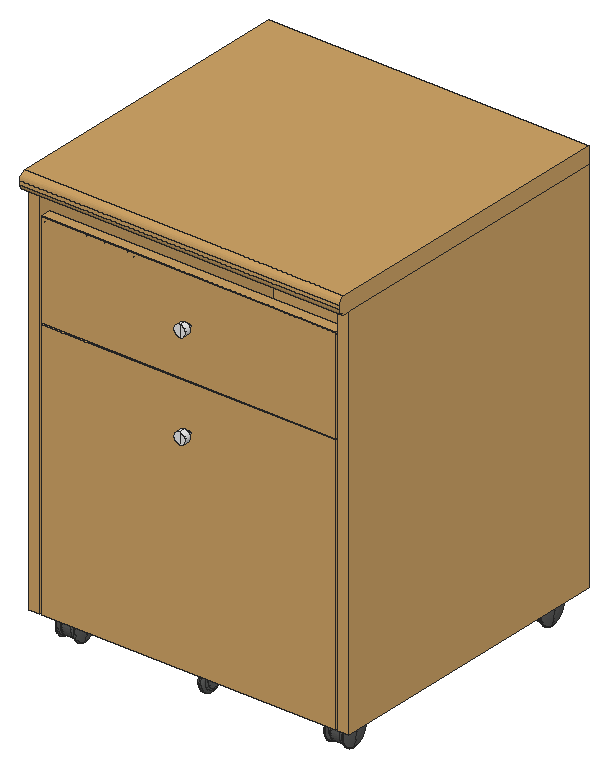
Revit family
Parameters (values of type "565x550x750mm")
  Manufacturer = ""
  Model = ""
  휠 지지 재료 = 플라스틱 - 회색
  휠 재료 = 플라스틱 - 회색
  상단 면 재료 = 목재 - 티크, 폭
  측면 재료 = 목재 - 티크, 길이
  손잡이 재료 = 금속 - 크롬(2)
  면 재료 = 목재 - 티크, 길이
  서랍 재료 = 목재 - 티크, 폭
  폭 = 565 mm
  높이 = 750 mm
Types (4, lengths in mm): name | 폭 | 높이
  (no name) | 565 | 750
  465x550x650mm | 465 | 650
  565x550x750mm | 565 | 750
  515x550x700mm | 515 | 700
Reference planes
  plane 1 "중심(앞/뒤)": y = 0
  plane 2: z = 0
  plane 3 "중심(왼쪽/오른쪽)": x = 0
  plane 4: y = 275
  plane 5: y = -275
  plane 6: x = -282.5
  plane 7: x = 282.5
  plane 8: z = 750
  plane 9: x = -262.5
  plane 10: x = 262.5
  plane 11: z = 720
  plane 12: z = 680
  plane 13: z = 50
  plane 14: z = 70
  plane 15: y = 265
  plane 16: y = 258
  plane 17: y = -255
  plane 18: z = 681
  plane 19: z = 679
  plane 20: z = 510
  plane 21: z = 511
  plane 22: z = 509
  plane 23: x = -260.5
  plane 24: x = 260.5
  plane 25: y = -237
Forms (mm)
  Extrusion 1, solid, material "목재 - 티크, 길이" <- "측면 재료"
    sketch origin (0, 0, 0) x (1, 0, 0) y (0, 1, 0)
      loop
        line (-282.5, 275) -> (-282.5, -255) -> (-262.5, -255) -> (-262.5, 275) -> (-282.5, 275)
    from 50 to 720
  Extrusion 2, solid, material "목재 - 티크, 길이" <- "측면 재료"
    sketch origin (0, 0, 0) x (-1, 0, 0) y (0, -1, 0)
      loop
        line (-282.5, -275) -> (-262.5, -275) -> (-262.5, 255) -> (-282.5, 255) -> (-282.5, -275)
    from 50 to 720
  Extrusion 3, solid, material "목재 - 티크, 길이" <- "면 재료"
    sketch origin (0, 0, 0) x (1, 0, 0) y (0, 1, 0)
      loop
        line (-262.5, 265) -> (-262.5, 258) -> (262.5, 258) -> (262.5, 265) -> (-262.5, 265)
    from 70 to 720
  Extrusion 4, solid, material "목재 - 티크, 폭" <- "상단 면 재료"
    sketch origin (0, 0, 0) x (0, 1, 0) y (0, 0, 1)
      loop
        line (275, 70) -> (-237, 70) -> (-237, 50) -> (275, 50) -> (275, 70)
    from -262.5 to 262.5
  Extrusion 5, solid, material "목재 - 티크, 폭" <- "상단 면 재료"
    sketch origin (0, 0, 0) x (0, 1, 0) y (0, 0, 1)
      loop
        line (275, 750) -> (-265, 750)
        arc (-265, 750) -> (-272.26, 745.804) -> (-275, 737.88) r 12
        line (-275, 737.88) -> (-275, 731.88)
        arc (-275, 731.88) -> (-272.181, 724.104) -> (-265, 720) r 12
        line (-265, 720) -> (275, 720) -> (275, 750)
    from -282.5 to 282.5
  Extrusion 6, solid, material "목재 - 티크, 폭" <- "서랍 재료"
    sketch origin (0, 0, 0) x (1, 0, 0) y (0, 0, 1)
      loop
        line (-260.5, 679) -> (-260.5, 511) -> (260.5, 511) -> (260.5, 679) -> (-260.5, 679)
    from 237 to 255
  Extrusion 7, solid, material "목재 - 티크, 폭" <- "서랍 재료"
    sketch origin (0, 0, 820) x (1, 0, 0) y (0, 0, 1)
      loop
        line (-260.5, -770) -> (260.5, -770) -> (260.5, -311) -> (-260.5, -311) -> (-260.5, -770)
    from 237 to 255
  Extrusion 8, solid, material "목재 - 티크, 폭" <- "서랍 재료"
    sketch origin (0, 0, 1158) x (1, 0, 0) y (0, 0, 1)
      loop
        line (-260.5, -477) -> (-260.5, -488) -> (260.5, -488) -> (260.5, -477) -> (-260.5, -477)
    from 237 to 255
  Revolve 9, solid, material "플라스틱 - 회색" <- "휠 재료"
    sketch origin (-13.917, -207.316, 0) x (1, 0, 0) y (0, 0, 1)
      loop
        arc (-240.523, 49.222) -> (-243.122, 37.235) -> (-243.995, 25) r 86.232
        line (-243.995, 25) -> (-235.934, 25)
        arc (-235.934, 25) -> (-236.454, 37.155) -> (-238.009, 49.222) r 142.408
        arc (-238.009, 49.222) -> (-238.558, 49.741) -> (-239.266, 50) r 1.868
        arc (-239.266, 50) -> (-239.975, 49.741) -> (-240.523, 49.222) r 1.868
      loop
        arc (-206.342, 49.222) -> (-206.89, 49.741) -> (-207.598, 50) r 1.868
        arc (-207.598, 50) -> (-208.307, 49.741) -> (-208.855, 49.222) r 1.868
        arc (-208.855, 49.222) -> (-210.411, 37.155) -> (-210.93, 25) r 142.408
        line (-210.93, 25) -> (-202.87, 25)
        arc (-202.87, 25) -> (-203.742, 37.235) -> (-206.342, 49.222) r 86.232
      axis (-243.995, 25) -> (-202.87, 25)
    angle from 0 to 360
  Revolve 10, solid, material "플라스틱 - 회색" <- "휠 지지 재료"
    sketch origin (-13.917, -207.316, 0) x (1, 0, 0) y (0, 0, 1)
      loop
        line (-235.934, 25) -> (-210.93, 25) -> (-210.93, 42.425)
        arc (-210.93, 42.425) -> (-212.209, 45.513) -> (-215.298, 46.793) r 4.368
        line (-215.298, 46.793) -> (-231.567, 46.793)
        arc (-231.567, 46.793) -> (-234.655, 45.513) -> (-235.934, 42.425) r 4.368
        line (-235.934, 42.425) -> (-235.934, 25)
      axis (-235.934, 25) -> (-210.93, 25)
    angle from 0 to 360
  Revolve 11, solid, material "플라스틱 - 회색" <- "휠 지지 재료"
    sketch origin (173.581, -208.439, -3.207) x (1, 0, 0) y (0, 0, 1)
      loop
        line (-179.432, 25) -> (-167.432, 25) -> (-167.432, 42.425)
        arc (-167.432, 42.425) -> (-168.712, 45.513) -> (-171.8, 46.793) r 4.368
        line (-171.8, 46.793) -> (-175.065, 46.793)
        arc (-175.065, 46.793) -> (-178.153, 45.513) -> (-179.432, 42.425) r 4.368
        line (-179.432, 42.425) -> (-179.432, 25)
      axis (-179.432, 25) -> (-167.432, 25)
    angle from 0 to 360
  Extrusion 12, solid, material "플라스틱 - 회색" <- "휠 재료"
    sketch origin (6.148, -205.519, 0) x (0, 1, 0) y (0, 0, 1)
      loop
        line (17.11, 50) -> (-22.57, 50) -> (-15.164, 17.921)
        arc (-15.164, 17.921) -> (-2.73, 8.53) -> (9.704, 17.921) r 12.927
        line (9.704, 17.921) -> (17.11, 50)
      loop
        circle (-2.92, 20.388) r 3.987
    from 0 to 2
  Extrusion 13, solid, material "플라스틱 - 회색" <- "휠 재료"
    sketch origin (-5.852, -205.519, 0) x (0, 1, 0) y (0, 0, -1)
      loop
        line (17.11, -50) -> (9.704, -17.921)
        arc (9.704, -17.921) -> (-2.73, -8.53) -> (-15.164, -17.921) r 12.927
        line (-15.164, -17.921) -> (-22.57, -50) -> (17.11, -50)
      loop
        circle (-2.92, -20.388) r 3.987
    from 0 to 2
  Revolve 14, solid, material "플라스틱 - 회색" <- "휠 재료"
    sketch origin (13.917, -207.316, 0) x (-1, 0, 0) y (0, 0, -1)
      loop
        arc (-240.523, -49.222) -> (-239.975, -49.741) -> (-239.266, -50) r 1.868
        arc (-239.266, -50) -> (-238.558, -49.741) -> (-238.009, -49.222) r 1.868
        arc (-238.009, -49.222) -> (-236.454, -37.155) -> (-235.934, -25) r 142.408
        line (-235.934, -25) -> (-243.995, -25)
        arc (-243.995, -25) -> (-243.122, -37.235) -> (-240.523, -49.222) r 86.232
      loop
        arc (-206.342, -49.222) -> (-203.742, -37.235) -> (-202.87, -25) r 86.232
        line (-202.87, -25) -> (-210.93, -25)
        arc (-210.93, -25) -> (-210.411, -37.155) -> (-208.855, -49.222) r 142.408
        arc (-208.855, -49.222) -> (-208.307, -49.741) -> (-207.598, -50) r 1.868
        arc (-207.598, -50) -> (-206.89, -49.741) -> (-206.342, -49.222) r 1.868
      axis (-243.995, -25) -> (-202.87, -25)
    angle from 0 to 360
  Revolve 15, solid, material "플라스틱 - 회색" <- "휠 지지 재료"
    sketch origin (13.917, -207.316, 0) x (-1, 0, 0) y (0, 0, -1)
      loop
        line (-235.934, -25) -> (-235.934, -42.425)
        arc (-235.934, -42.425) -> (-234.655, -45.513) -> (-231.567, -46.793) r 4.368
        line (-231.567, -46.793) -> (-215.298, -46.793)
        arc (-215.298, -46.793) -> (-212.209, -45.513) -> (-210.93, -42.425) r 4.368
        line (-210.93, -42.425) -> (-210.93, -25) -> (-235.934, -25)
      axis (-235.934, -25) -> (-210.93, -25)
    angle from 0 to 360
  Revolve 16, solid, material "플라스틱 - 회색" <- "휠 재료"
    sketch origin (13.917, 229.931, 0) x (-1, 0, 0) y (0, 0, 1)
      loop
        arc (-240.523, 49.222) -> (-243.122, 37.235) -> (-243.995, 25) r 86.232
        line (-243.995, 25) -> (-235.934, 25)
        arc (-235.934, 25) -> (-236.454, 37.155) -> (-238.009, 49.222) r 142.408
        arc (-238.009, 49.222) -> (-238.558, 49.741) -> (-239.266, 50) r 1.868
        arc (-239.266, 50) -> (-239.975, 49.741) -> (-240.523, 49.222) r 1.868
      loop
        arc (-206.342, 49.222) -> (-206.89, 49.741) -> (-207.598, 50) r 1.868
        arc (-207.598, 50) -> (-208.307, 49.741) -> (-208.855, 49.222) r 1.868
        arc (-208.855, 49.222) -> (-210.411, 37.155) -> (-210.93, 25) r 142.408
        line (-210.93, 25) -> (-202.87, 25)
        arc (-202.87, 25) -> (-203.742, 37.235) -> (-206.342, 49.222) r 86.232
      axis (-243.995, 25) -> (-202.87, 25)
    angle from 0 to 360
  Revolve 17, solid, material "플라스틱 - 회색" <- "휠 지지 재료"
    sketch origin (13.917, 229.931, 0) x (-1, 0, 0) y (0, 0, 1)
      loop
        line (-235.934, 25) -> (-210.93, 25) -> (-210.93, 42.425)
        arc (-210.93, 42.425) -> (-212.209, 45.513) -> (-215.298, 46.793) r 4.368
        line (-215.298, 46.793) -> (-231.567, 46.793)
        arc (-231.567, 46.793) -> (-234.655, 45.513) -> (-235.934, 42.425) r 4.368
        line (-235.934, 42.425) -> (-235.934, 25)
      axis (-235.934, 25) -> (-210.93, 25)
    angle from 0 to 360
  Revolve 18, solid, material "플라스틱 - 회색" <- "휠 재료"
    sketch origin (-13.917, 229.931, 0) x (1, 0, 0) y (0, 0, -1)
      loop
        arc (-240.523, -49.222) -> (-239.975, -49.741) -> (-239.266, -50) r 1.868
        arc (-239.266, -50) -> (-238.558, -49.741) -> (-238.009, -49.222) r 1.868
        arc (-238.009, -49.222) -> (-236.454, -37.155) -> (-235.934, -25) r 142.408
        line (-235.934, -25) -> (-243.995, -25)
        arc (-243.995, -25) -> (-243.122, -37.235) -> (-240.523, -49.222) r 86.232
      loop
        arc (-206.342, -49.222) -> (-203.742, -37.235) -> (-202.87, -25) r 86.232
        line (-202.87, -25) -> (-210.93, -25)
        arc (-210.93, -25) -> (-210.411, -37.155) -> (-208.855, -49.222) r 142.408
        arc (-208.855, -49.222) -> (-208.307, -49.741) -> (-207.598, -50) r 1.868
        arc (-207.598, -50) -> (-206.89, -49.741) -> (-206.342, -49.222) r 1.868
      axis (-243.995, -25) -> (-202.87, -25)
    angle from 0 to 360
  Revolve 19, solid, material "플라스틱 - 회색" <- "휠 지지 재료"
    sketch origin (-13.917, 229.931, 0) x (1, 0, 0) y (0, 0, -1)
      loop
        line (-235.934, -25) -> (-235.934, -42.425)
        arc (-235.934, -42.425) -> (-234.655, -45.513) -> (-231.567, -46.793) r 4.368
        line (-231.567, -46.793) -> (-215.298, -46.793)
        arc (-215.298, -46.793) -> (-212.209, -45.513) -> (-210.93, -42.425) r 4.368
        line (-210.93, -42.425) -> (-210.93, -25) -> (-235.934, -25)
      axis (-235.934, -25) -> (-210.93, -25)
    angle from 0 to 360
  Revolve 20, solid, material "금속 - 크롬(2)" <- "손잡이 재료"
    sketch origin (0, 0, 0) x (0, 1, 0) y (0, 0, 1)
      loop
        line (-275, 599.043) -> (-255, 599.043) -> (-255, 602.043) -> (-265, 602.043) -> (-265, 609.043) -> (-275, 609.043) -> (-275, 599.043)
      axis (-255, 599.043) -> (-275, 599.043)
    angle from 0 to 360
  Revolve 21, solid, material "금속 - 크롬(2)" <- "손잡이 재료"
    sketch origin (0, 0, -170) x (0, 1, 0) y (0, 0, 1)
      loop
        line (-275, 599.043) -> (-255, 599.043) -> (-255, 602.043) -> (-265, 602.043) -> (-265, 609.043) -> (-275, 609.043) -> (-275, 599.043)
      axis (-255, 599.043) -> (-275, 599.043)
    angle from 0 to 360
Lines and regions (mm)
  Masking region 1
    outline origin (0, 0, 0) x (1, 0, 0) y (0, 1, 0)
      loop
        line (-282.5, 275) -> (-282.5, -275.003) -> (282.5, -275.003) -> (282.5, 275) -> (-282.5, 275)
  symbolic lines
    curve 1: line (-282.5, 275, 0) -> (282.5, 275, 0)
    curve 2: line (-282.5, -275.003, 0) -> (-282.5, 275, 0)
    curve 3: line (282.5, -275.003, 0) -> (-282.5, -275.003, 0)
    curve 4: line (282.5, 275, 0) -> (282.5, -275.003, 0)
Dimensions and locks
  equal spacing: plane 6, plane 3 "중심(왼쪽/오른쪽)", plane 7
  "폭": plane 6 to plane 7
  equal spacing: plane 5, plane 1 "중심(앞/뒤)", plane 4
  locked: plane 5 to plane 4 at 550
  "높이": plane 8 to level
  locked: plane 6 to plane 9 at 20
  locked: plane 9 to plane 23 at 2
  locked: plane 24 to plane 10 at 2
  locked: plane 10 to plane 7 at 20
  locked: plane 15 to plane 4 at 10
  locked: plane 16 to plane 15 at 7
  locked: plane 17 to plane 25 at 18
  locked: plane 5 to plane 17 at 20
  locked: plane 8 to plane 11 at 30
  locked: plane 11 to plane 12 at 40
  locked: plane 14 to plane 13 at 20
  locked: plane 13 to level at 50
  locked: plane 18 to plane 12 at 1
  locked: plane 12 to plane 19 at 1
  locked: plane 21 to plane 20 at 1
  locked: plane 20 to plane 22 at 1
  locked: plane 19 to plane 21 at 168
  aligned and locked: Revolve 9 to Revolve 9
  aligned and locked: Revolve 10 to Revolve 10
  aligned and locked: Revolve 11 to Revolve 11
  aligned and locked: Revolve 14 to Revolve 14
  aligned and locked: Revolve 15 to Revolve 15
  aligned and locked: Revolve 16 to Revolve 16
  aligned and locked: Revolve 17 to Revolve 17
  aligned and locked: Revolve 18 to Revolve 18
  aligned and locked: Revolve 19 to Revolve 19
  aligned and locked: plane 4 to Extrusion 5
  aligned and locked: plane 6 to Extrusion 5  (x2)
  aligned and locked: plane 7 to Extrusion 5  (x2)
  aligned and locked: plane 5 to Extrusion 5
  aligned and locked: plane 9 to Extrusion 1
  aligned and locked: plane 10 to Extrusion 2
  aligned and locked: plane 10 to Extrusion 3
  aligned and locked: plane 9 to Extrusion 3
  aligned and locked: plane 6 to Extrusion 1
  aligned and locked: plane 7 to Extrusion 2
  aligned and locked: plane 17 to Extrusion 8
  aligned and locked: plane 17 to Extrusion 6
  aligned and locked: plane 17 to Extrusion 7
  aligned and locked: plane 25 to Extrusion 7
  aligned and locked: plane 25 to Extrusion 6
  aligned and locked: plane 25 to Extrusion 8
  aligned and locked: plane 15 to Extrusion 3
  aligned and locked: plane 16 to Extrusion 3
  aligned and locked: Extrusion 1 to Extrusion 2
  aligned and locked: plane 18 to Extrusion 8
  aligned and locked: plane 19 to Extrusion 6
  aligned and locked: plane 21 to Extrusion 6
  aligned and locked: plane 22 to Extrusion 7
  aligned and locked: plane 13 to Extrusion 7
  aligned and locked: plane 25 to Extrusion 4
  aligned and locked: plane 4 to Extrusion 4
  aligned and locked: Extrusion 1 to plane 11
  aligned and locked: Extrusion 3 to plane 11
  aligned and locked: plane 9 to Extrusion 4
  aligned and locked: Extrusion 4 to plane 10
  aligned and locked: plane 17 to Revolve 20
  aligned and locked: plane 5 to Revolve 20
  aligned and locked: plane 5 to Revolve 21
  aligned and locked: plane 17 to Revolve 21
  aligned and locked: Extrusion 2 to plane 11
Automatic sketch dimensions
  Extrusion 1 sketch curve to plane 6 = 0 mm
  Extrusion 1 sketch curve to plane 9 = 0 mm
  Extrusion 1 sketch curve to plane 17 = 0 mm
  Extrusion 1 sketch curve to plane 4 = 0 mm
  Extrusion 2 sketch curve to plane 7 = 0 mm
  Extrusion 2 sketch curve to plane 10 = 0 mm
  Extrusion 2 sketch curve to plane 4 = 0 mm
  Extrusion 2 sketch curve to plane 17 = 0 mm
  Extrusion 3 sketch curve to plane 9 = 0 mm
  Extrusion 3 sketch curve to plane 10 = 0 mm
  Extrusion 3 sketch curve to plane 16 = 0 mm
  Extrusion 3 sketch curve to plane 15 = 0 mm
  Extrusion 4 sketch curve to plane 14 = 0 mm
  Extrusion 4 sketch curve to plane 4 = 0 mm
  Extrusion 4 sketch curve to plane 13 = 0 mm
  Extrusion 5 sketch curve to plane 5 = 0 mm
  Extrusion 5 sketch curve to plane 11 = 0 mm
  Extrusion 5 sketch curve to plane 8 = 0 mm
  Extrusion 5 sketch curve to plane 4 = 0 mm
  Extrusion 5 sketch curve to plane 5 = 10 mm  (x2)
  Extrusion 5 sketch curve to Extrusion 5 sketch curve = 11.997 mm
  Extrusion 5 sketch curve to Extrusion 5 sketch curve = 0.003 mm
  Extrusion 5 sketch curve to Extrusion 5 sketch curve = 11.832 mm
  Extrusion 5 sketch curve to Extrusion 5 sketch curve = 6 mm
  Extrusion 6 sketch curve to plane 21 = 0 mm
  Extrusion 6 sketch curve to plane 23 = 0 mm
  Extrusion 6 sketch curve to plane 24 = 0 mm
  Extrusion 6 sketch curve to plane 19 = 0 mm
  Extrusion 7 sketch curve to plane 22 = 0 mm
  Extrusion 7 sketch curve to plane 23 = 0 mm
  Extrusion 7 sketch curve to plane 24 = 0 mm
  Extrusion 7 sketch curve to plane 13 = 0 mm
  plane 11 to Extrusion 8 sketch curve = 50 mm
  Extrusion 8 sketch curve to plane 23 = 0 mm
  Extrusion 8 sketch curve to plane 24 = 0 mm
  Extrusion 8 sketch curve to plane 18 = 0 mm
  Revolve 9 sketch curve to plane 13 = 0 mm  (x2)
  plane 6 to Revolve 9 sketch curve = 109.76 mm
  plane 6 to Revolve 9 sketch curve = 20.519 mm
  plane 9 to Revolve 9 sketch curve = 7.329 mm
  Revolve 9 sketch curve to plane 23 = 2.588 mm
  plane 13 to Revolve 9 sketch curve = 0.778 mm  (x2)
  Revolve 9 sketch curve to Revolve 9 sketch curve = 3.472 mm
  Revolve 9 sketch curve to Revolve 9 sketch curve = 0.982 mm  (x4)
  Revolve 9 sketch curve to Revolve 9 sketch curve = 1.257 mm  (x2)
  Revolve 9 sketch curve to Revolve 9 sketch curve = 0.55 mm  (x2)
  Revolve 9 sketch curve to Revolve 9 sketch curve = 8.06 mm  (x2)
  Revolve 9 sketch curve to Revolve 9 sketch curve = 25.004 mm
  Revolve 9 sketch curve to Revolve 9 sketch curve = 2.075 mm
  Revolve 9 sketch curve to Revolve 9 sketch curve = 10.43 mm
  level to Revolve 9 sketch curve = 25 mm  (x2)
  Revolve 9 sketch curve to Revolve 9 sketch curve = 0 mm
  Revolve 10 sketch curve to plane 23 = 5.647 mm
  Revolve 10 sketch curve to plane 23 = 10.648 mm
  Revolve 10 sketch curve to Revolve 10 sketch curve = 4.368 mm  (x2)
  plane 13 to Revolve 10 sketch curve = 7.575 mm
  Revolve 10 sketch curve to Revolve 10 sketch curve = 16.269 mm
  Revolve 10 sketch curve to Revolve 10 sketch curve = 16.327 mm
  Revolve 10 sketch curve to Revolve 10 sketch curve = 17.425 mm
  Revolve 10 sketch curve to Revolve 10 sketch curve = 0 mm
  Revolve 11 sketch curve to plane 3 "중심(왼쪽/오른쪽)" = 17.355 mm
  Revolve 11 sketch curve to plane 3 "중심(왼쪽/오른쪽)" = 5.852 mm
  Revolve 11 sketch curve to plane 3 "중심(왼쪽/오른쪽)" = 1.484 mm
  plane 3 "중심(왼쪽/오른쪽)" to Revolve 11 sketch curve = 1.781 mm
  plane 3 "중심(왼쪽/오른쪽)" to Revolve 11 sketch curve = 6.148 mm
  Revolve 11 sketch curve to Revolve 11 sketch curve = 22.829 mm
  level to Revolve 11 sketch curve = 21.793 mm
  Revolve 11 sketch curve to Revolve 11 sketch curve = 0 mm
  plane 13 to Revolve 11 sketch curve = 10.782 mm
  Extrusion 12 sketch curve to plane 13 = 0 mm
  Extrusion 12 sketch curve to Extrusion 12 sketch curve = 12.243 mm
  Extrusion 12 sketch curve to Extrusion 12 sketch curve = 0.191 mm
  Extrusion 12 sketch curve to Extrusion 12 sketch curve = 12.624 mm
  Extrusion 12 sketch curve to Extrusion 12 sketch curve = 7.406 mm
  level to Extrusion 12 sketch curve = 21.457 mm
  Extrusion 12 sketch curve to Extrusion 12 sketch curve = 1.069 mm
  Extrusion 12 sketch curve to Extrusion 12 sketch curve = 2.467 mm
  Extrusion 13 sketch curve to plane 13 = 0 mm
  Extrusion 13 sketch curve to Extrusion 13 sketch curve = 12.243 mm
  Extrusion 13 sketch curve to Extrusion 13 sketch curve = 0.191 mm
  Extrusion 13 sketch curve to Extrusion 13 sketch curve = 12.624 mm
  Extrusion 13 sketch curve to Extrusion 13 sketch curve = 7.406 mm
  level to Extrusion 13 sketch curve = 21.457 mm
  Extrusion 13 sketch curve to Extrusion 13 sketch curve = 1.069 mm
  Extrusion 13 sketch curve to Extrusion 13 sketch curve = 2.467 mm
  Revolve 14 sketch curve to plane 13 = 0 mm  (x2)
  Revolve 14 sketch curve to plane 7 = 109.76 mm
  Revolve 14 sketch curve to plane 7 = 20.519 mm
  Revolve 14 sketch curve to plane 10 = 7.329 mm
  plane 24 to Revolve 14 sketch curve = 2.588 mm
  plane 13 to Revolve 14 sketch curve = 0.778 mm  (x2)
  Revolve 14 sketch curve to Revolve 14 sketch curve = 3.472 mm
  Revolve 14 sketch curve to Revolve 14 sketch curve = 0.982 mm  (x4)
  Revolve 14 sketch curve to Revolve 14 sketch curve = 1.257 mm  (x2)
  Revolve 14 sketch curve to Revolve 14 sketch curve = 0.55 mm  (x2)
  Revolve 14 sketch curve to Revolve 14 sketch curve = 8.06 mm  (x2)
  Revolve 14 sketch curve to Revolve 14 sketch curve = 25.004 mm
  Revolve 14 sketch curve to Revolve 14 sketch curve = 2.075 mm
  Revolve 14 sketch curve to Revolve 14 sketch curve = 10.43 mm
  level to Revolve 14 sketch curve = 25 mm  (x2)
  Revolve 14 sketch curve to Revolve 14 sketch curve = 0 mm
  plane 24 to Revolve 15 sketch curve = 5.647 mm
  plane 24 to Revolve 15 sketch curve = 10.648 mm
  Revolve 15 sketch curve to Revolve 15 sketch curve = 4.368 mm  (x2)
  plane 13 to Revolve 15 sketch curve = 7.575 mm
  Revolve 15 sketch curve to Revolve 15 sketch curve = 16.269 mm
  Revolve 15 sketch curve to Revolve 15 sketch curve = 16.327 mm
  Revolve 15 sketch curve to Revolve 15 sketch curve = 17.425 mm
  Revolve 15 sketch curve to Revolve 15 sketch curve = 0 mm
  Revolve 16 sketch curve to plane 13 = 0 mm  (x2)
  Revolve 16 sketch curve to plane 7 = 109.76 mm
  Revolve 16 sketch curve to plane 7 = 20.519 mm
  Revolve 16 sketch curve to plane 10 = 7.329 mm
  plane 24 to Revolve 16 sketch curve = 2.588 mm
  plane 13 to Revolve 16 sketch curve = 0.778 mm  (x2)
  Revolve 16 sketch curve to Revolve 16 sketch curve = 3.472 mm
  Revolve 16 sketch curve to Revolve 16 sketch curve = 0.982 mm  (x4)
  Revolve 16 sketch curve to Revolve 16 sketch curve = 1.257 mm  (x2)
  Revolve 16 sketch curve to Revolve 16 sketch curve = 0.55 mm  (x2)
  Revolve 16 sketch curve to Revolve 16 sketch curve = 8.06 mm  (x2)
  Revolve 16 sketch curve to Revolve 16 sketch curve = 25.004 mm
  Revolve 16 sketch curve to Revolve 16 sketch curve = 2.075 mm
  Revolve 16 sketch curve to Revolve 16 sketch curve = 10.43 mm
  level to Revolve 16 sketch curve = 25 mm  (x2)
  Revolve 16 sketch curve to Revolve 16 sketch curve = 0 mm
  plane 24 to Revolve 17 sketch curve = 5.647 mm
  plane 24 to Revolve 17 sketch curve = 10.648 mm
  Revolve 17 sketch curve to Revolve 17 sketch curve = 4.368 mm  (x2)
  plane 13 to Revolve 17 sketch curve = 7.575 mm
  Revolve 17 sketch curve to Revolve 17 sketch curve = 16.269 mm
  Revolve 17 sketch curve to Revolve 17 sketch curve = 16.327 mm
  Revolve 17 sketch curve to Revolve 17 sketch curve = 17.425 mm
  Revolve 17 sketch curve to Revolve 17 sketch curve = 0 mm
  Revolve 18 sketch curve to plane 13 = 0 mm  (x2)
  plane 6 to Revolve 18 sketch curve = 109.76 mm
  plane 6 to Revolve 18 sketch curve = 20.519 mm
  plane 9 to Revolve 18 sketch curve = 7.329 mm
  Revolve 18 sketch curve to plane 23 = 2.588 mm
  plane 13 to Revolve 18 sketch curve = 0.778 mm  (x2)
  Revolve 18 sketch curve to Revolve 18 sketch curve = 3.472 mm
  Revolve 18 sketch curve to Revolve 18 sketch curve = 0.982 mm  (x4)
  Revolve 18 sketch curve to Revolve 18 sketch curve = 1.257 mm  (x2)
  Revolve 18 sketch curve to Revolve 18 sketch curve = 0.55 mm  (x2)
  Revolve 18 sketch curve to Revolve 18 sketch curve = 8.06 mm  (x2)
  Revolve 18 sketch curve to Revolve 18 sketch curve = 25.004 mm
  Revolve 18 sketch curve to Revolve 18 sketch curve = 2.075 mm
  Revolve 18 sketch curve to Revolve 18 sketch curve = 10.43 mm
  level to Revolve 18 sketch curve = 25 mm  (x2)
  Revolve 18 sketch curve to Revolve 18 sketch curve = 0 mm
  Revolve 19 sketch curve to plane 23 = 5.647 mm
  Revolve 19 sketch curve to plane 23 = 10.648 mm
  Revolve 19 sketch curve to Revolve 19 sketch curve = 4.368 mm  (x2)
  plane 13 to Revolve 19 sketch curve = 7.575 mm
  Revolve 19 sketch curve to Revolve 19 sketch curve = 16.269 mm
  Revolve 19 sketch curve to Revolve 19 sketch curve = 16.327 mm
  Revolve 19 sketch curve to Revolve 19 sketch curve = 17.425 mm
  Revolve 19 sketch curve to Revolve 19 sketch curve = 0 mm
  Extrusion 4 sketch curve to plane 25 = 0 mm
  Extrusion 12 sketch curve to plane 25 = 8.911 mm
  Extrusion 12 sketch curve to plane 25 = 16.317 mm
  Extrusion 13 sketch curve to plane 25 = 8.911 mm
  Extrusion 13 sketch curve to plane 25 = 16.317 mm
  Revolve 20 sketch curve to plane 5 = 0 mm
  Revolve 20 sketch curve to plane 17 = 0 mm
  Revolve 20 sketch curve to Revolve 20 sketch curve = 32.024 mm
  Revolve 20 sketch curve to plane 5 = 10 mm
  Revolve 20 sketch curve to plane 25 = 29.976 mm
  plane 19 to Revolve 20 sketch curve = 79.957 mm
  Revolve 20 sketch curve to Revolve 20 sketch curve = 0 mm
  Revolve 20 sketch curve to Revolve 20 sketch curve = 3 mm
  Revolve 20 sketch curve to Revolve 20 sketch curve = 7 mm
  Revolve 21 sketch curve to plane 5 = 0 mm
  Revolve 21 sketch curve to plane 17 = 0 mm
  Revolve 21 sketch curve to Revolve 21 sketch curve = 32.024 mm
  Revolve 21 sketch curve to plane 5 = 10 mm
  Revolve 21 sketch curve to plane 25 = 29.976 mm
  plane 22 to Revolve 21 sketch curve = 79.957 mm
  Revolve 21 sketch curve to Revolve 21 sketch curve = 0 mm
  Revolve 21 sketch curve to Revolve 21 sketch curve = 3 mm
  Revolve 21 sketch curve to Revolve 21 sketch curve = 7 mm
  Masking region 1 sketch curve to plane 6 = 0 mm
  Masking region 1 sketch curve to plane 7 = 0 mm
  Masking region 1 sketch curve to plane 4 = 0 mm
  plane 5 to Masking region 1 sketch curve = 0.003 mm
  curve 3 to plane 6 = 0 mm
  curve 3 to plane 7 = 0 mm
  curve 2 to plane 4 = 0 mm
  plane 5 to curve 4 = 0.003 mm
  radius of Extrusion 12 sketch curve = 3.987 mm
  radius of Extrusion 13 sketch curve = 3.987 mm
